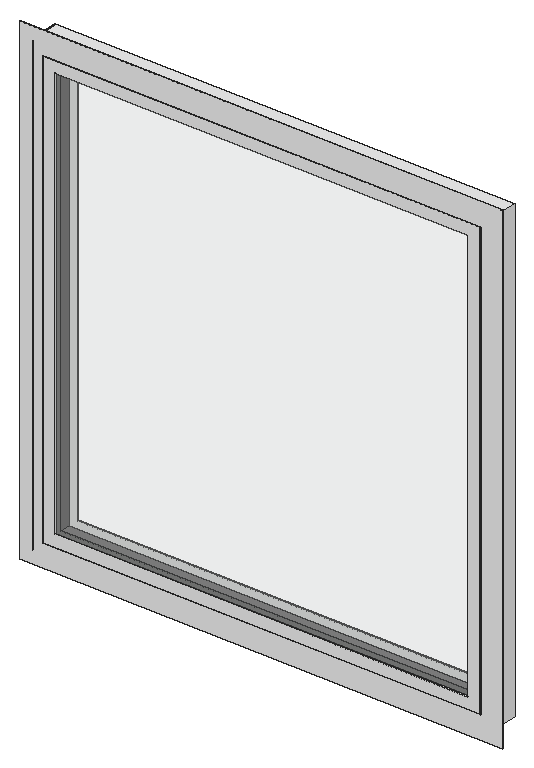
Revit family "Casement_38_F_Top_Hung_Custom", category Windows, host Wall, Revit 2014
Parameters (values of type "Casement_Sash_DG")
  Width Sash [instance] = 30 mm
  Width Sash Inner = 15 mm
  Width Bead = 15 mm
  Top Hung [instance] = yes
  Side Hung Right [instance] = yes
  Side Hung Left [instance] = yes
  Sash Opening Width [instance] = 600 mm
  Sash Opening Height [instance] = 600.312 mm
  Sash Lip = 15 mm
  Glazing Material [instance] = Glass
  DG Start Piece 2 [instance] = DG End Piece 1 + DG Gasket Thickness  # 25 mm
  DG Start Peice 1 [instance] = (Depth Sash - (2 * DG Glazing Thickness) - DG Gasket Thickness) / 2  # 6.6 mm
  Glazing Offset = 5 mm
  DG Glazing Thickness [instance] = 6.4 mm
  DG Gasket Thickness = 12 mm  # constant formula
  DG Gasket Material [instance] = Double Glazing Gasket Material
  DG End Piece 2 [instance] = DG Start Piece 2 + DG Glazing Thickness  # 31.4 mm
  DG End Piece 1 [instance] = DG Start Peice 1 + DG Glazing Thickness  # 13 mm
  Depth Sash [instance] = 38 mm
  Center Vertical Sash [instance] = Sash Opening Height / 2  # 300.156 mm
  Center Horizontal Sash [instance] = Sash Opening Width / 2  # 300 mm
  Bottom Hung [instance] = yes
  Bead Offset = 15 mm
  Aluminium Thickness = 1 mm
  Aluminium Material [instance] = White Powder Coated Aluminium
Reference planes
  plane 1 "Center (Front/Back)": y = 0
  plane 2: z = 0
  plane 3 "Center (Left/Right)": x = 0
Forms (mm)
  Sweep 1, solid, material "White Powder Coated Aluminium" <- "Aluminium Material"
    path origin (16.177, 0, 121.331) x (1, 0, 0) y (0, 0, 1)
      loop
        line (0, 0) -> (600, 0) -> (600, 600.312) -> (0, 600.312) -> (0, 0)
    profile origin (316.177, 0, 121.331) x (0, 0, 1) y (0, -1, 0)
      loop
        line (0, 0) -> (30, 0) -> (30, 1) -> (15, 1) -> (15, 38) -> (-15, 38) -> (-15, 37) -> (0, 37) -> (0, 0)
      loop
        line (14, 1) -> (14, 37) -> (1, 37) -> (1, 1) -> (14, 1)
  Sweep 2, solid, material "White Powder Coated Aluminium" <- "Aluminium Material"
    path origin (0, 0, 0) x (1, 0, 0) y (0, 0, 1)
      loop
        line (31.177, 706.643) -> (31.177, 136.331) -> (601.177, 136.331) -> (601.177, 706.643) -> (31.177, 706.643)
    profile origin (316.177, 0, 706.643) x (0, 0, 1) y (0, -1, 0)
      loop
        line (0, 37) -> (0, 38) -> (-15, 38) -> (-15, 37) -> (0, 37)
  Extrusion 3, solid, material "Glass" <- "Glazing Material"
    sketch origin (0, 0, 0) x (1, 0, 0) y (0, 0, 1)
      loop
        line (36.177, 701.643) -> (36.177, 141.331) -> (596.177, 141.331) -> (596.177, 701.643) -> (36.177, 701.643)
    from 6.6 <- "DG Start Peice 1" to 13 <- "DG End Piece 1"
  Extrusion 4, solid, material "Glass" <- "Glazing Material"
    sketch origin (0, 0, 0) x (1, 0, 0) y (0, 0, 1)
      loop
        line (36.177, 701.643) -> (36.177, 141.331) -> (596.177, 141.331) -> (596.177, 701.643) -> (36.177, 701.643)
    from 31.4 <- "DG End Piece 2" to 25 <- "DG Start Piece 2"
  Sweep 5, solid, material "Double Glazing Gasket Material" <- "DG Gasket Material"
    path origin (0, -13, 0) x (1, 0, 0) y (0, 0, 1)
      loop
        line (36.177, 701.643) -> (36.177, 141.331) -> (596.177, 141.331) -> (596.177, 701.643) -> (36.177, 701.643)
    profile origin (316.177, -13, 701.643) x (0, 0, 1) y (0, -1, 0)
      loop
        line (0, 0) -> (0, 12) -> (-7.96, 12) -> (-7.96, 0) -> (0, 0)
Lines and regions (mm)
  model lines
    curve 1: line (1.177, -38, 736.643) -> (31.177, -38, 706.643)
    curve 2: line (601.177, -38, 706.643) -> (631.177, -38, 736.643)
    curve 3: line (601.177, -38, 136.331) -> (631.177, -38, 106.331)
    curve 4: line (1.177, -38, 106.331) -> (31.177, -38, 136.331)
    curve 5: line (631.177, -37, 736.643) -> (616.177, -37, 721.643)
    curve 6: line (1.177, -37, 736.643) -> (16.177, -37, 721.643)
    curve 7: line (1.177, -37, 106.331) -> (16.177, -37, 121.331)
    curve 8: line (631.177, -37, 106.331) -> (616.177, -37, 121.331)
    curve 9: line (616.177, 0, 121.331) -> (586.177, 0, 151.331)
    curve 10: line (46.177, 0, 151.331) -> (16.177, 0, 121.331)
    curve 11: line (616.177, 0, 721.643) -> (586.177, 0, 691.643)
    curve 12: line (46.177, 0, 691.643) -> (16.177, 0, 721.643)
    curve 13: line (31.177, -38, 691.643) -> (46.177, -38, 691.643)
    curve 14: line (586.177, -38, 691.643) -> (601.177, -38, 691.643)
    curve 15: line (586.177, -38, 151.331) -> (601.177, -38, 151.331)
    curve 16: line (31.177, -38, 151.331) -> (46.177, -38, 151.331)
  model lines, style "GenericModelHiddenLines", visible <- "Top Hung"
    curve 17: line (46.386, -31.4, 690.914) -> (316.177, -31.4, 151.331)
    curve 18: line (316.177, -31.4, 151.331) -> (586.177, -31.4, 691.331)
  model lines, style "GenericModelHiddenLines", visible <- "Bottom Hung"
    curve 19: line (46.177, -31.4, 151.331) -> (316.177, -31.4, 691.331)
    curve 20: line (316.177, -31.4, 691.331) -> (586.177, -31.4, 151.331)
  model lines, style "GenericModelHiddenLines", visible <- "Side Hung Left"
    curve 21: line (46.386, -31.4, 690.914) -> (585.24, -31.4, 421.487)
    curve 22: line (585.24, -31.4, 421.487) -> (46.177, -31.4, 151.331)
  model lines, style "GenericModelHiddenLines", visible <- "Side Hung Right"
    curve 23: line (586.177, -31.4, 691.331) -> (46.177, -31.4, 421.487)
    curve 24: line (46.177, -31.4, 421.487) -> (586.177, -31.4, 151.331)
Dimensions and locks
  "Aluminium Thickness": Sweep 1 sketch curve to Sweep 1 sketch curve  (x4)
  "Depth Sash": Sweep 1 sketch curve to Sweep 1 sketch curve
  "Sash Opening Width": Sweep 1 to Sweep 1
  "Sash Opening Height": Sweep 1 to Sweep 1
  "Width Sash": Sweep 1 sketch curve to Sweep 1 sketch curve  (x2)
  "Width Sash Inner": Sweep 1 sketch curve to Sweep 1 sketch curve
  "Sash Lip": Sweep 1 sketch curve to Sweep 1 sketch curve
  "Aluminium Thickness": Sweep 1 to Sweep 2 sketch curve
  "Glazing Offset": Sweep 2 to Extrusion 3 sketch curve  (x3)
  "Glazing Offset": Extrusion 3 sketch curve to Sweep 2
  Sweep 1 to Sweep 1 = 1 mm
  "Aluminium Thickness": Sweep 2 sketch curve to Sweep 2 sketch curve
  "Width Bead": Sweep 2 sketch curve to Sweep 2 sketch curve
  locked: Sweep 5 sketch curve to Sweep 5 sketch curve at 7.96
  "Center Horizontal Sash": Sweep 1 to curve 18
  "Center Horizontal Sash": Sweep 1 to curve 20
  "Center Vertical Sash": Sweep 1 to curve 22
  "Center Vertical Sash": Sweep 1 to curve 24
  aligned and locked: level to plane 2
  aligned and locked: Sweep 1 sketch curve to Sweep 1 sketch curve  (x2)
  aligned and locked: Sweep 2 sketch curve to Sweep 1  (x5)
  aligned and locked: Extrusion 4 sketch curve to Extrusion 3  (x4)
  aligned and locked: Sweep 5 sketch curve to Extrusion 3  (x5)
  aligned and locked: Extrusion 3 to Sweep 5 sketch curve
Automatic sketch dimensions
  plane 3 "Center (Left/Right)" to Sweep 1 sketch curve = 16.177 mm
  level to Sweep 1 sketch curve = 121.331 mm
  plane 3 "Center (Left/Right)" to Sweep 1 sketch curve = 616.177 mm
  level to Sweep 1 sketch curve = 721.643 mm
  profile plane to Sweep 5 sketch curve = 12 mm
  curve 7 to Sweep 1 = 0 mm  (x4)
  curve 6 to Sweep 1 = 0 mm  (x3)
  Sweep 1 to curve 6 = 0 mm
  curve 5 to Sweep 1 = 0 mm  (x3)
  curve 8 to Sweep 1 = 0 mm  (x4)
  Sweep 1 to curve 5 = 0 mm
  curve 16 to Sweep 2 = 0 mm  (x3)
  curve 13 to Sweep 2 = 0 mm  (x3)
  curve 15 to Sweep 2 = 0 mm
  Sweep 2 to curve 15 = 0 mm  (x2)
  curve 14 to Sweep 2 = 0 mm  (x2)
  Sweep 2 to curve 14 = 0 mm
  curve 1 to Sweep 1 = 0 mm  (x4)
  curve 4 to Sweep 1 = 0 mm  (x3)
  Sweep 1 to curve 4 = 0 mm
  curve 3 to Sweep 1 = 0 mm  (x3)
  curve 2 to Sweep 1 = 0 mm  (x4)
  Sweep 1 to curve 3 = 0 mm
  curve 10 to Sweep 1 = 0 mm  (x4)
  curve 12 to Sweep 1 = 0 mm  (x3)
  Sweep 1 to curve 12 = 0 mm
  curve 9 to Sweep 1 = 0 mm  (x4)
  curve 11 to Sweep 1 = 0 mm  (x3)
  Sweep 1 to curve 11 = 0 mm
  Sweep 1 sketch curve to plane 1 "Center (Front/Back)" = 0 mm
  profile plane to Sweep 1 sketch curve = 0 mm
  curve 21 to Extrusion 4 = 10.208 mm
  curve 19 to Extrusion 4 = 10 mm
  curve 23 to Extrusion 4 = 10 mm  (x2)
  curve 22 to Extrusion 4 = 10.937 mm
  curve 20 to Extrusion 4 = 10 mm
  curve 24 to Extrusion 4 = 10 mm
  curve 22 to Extrusion 4 = 10 mm
  curve 18 to Extrusion 4 = 10 mm
  curve 21 to Extrusion 4 = 10.729 mm
  curve 19 to Extrusion 4 = 10.312 mm
  curve 18 to Extrusion 4 = 10.312 mm
